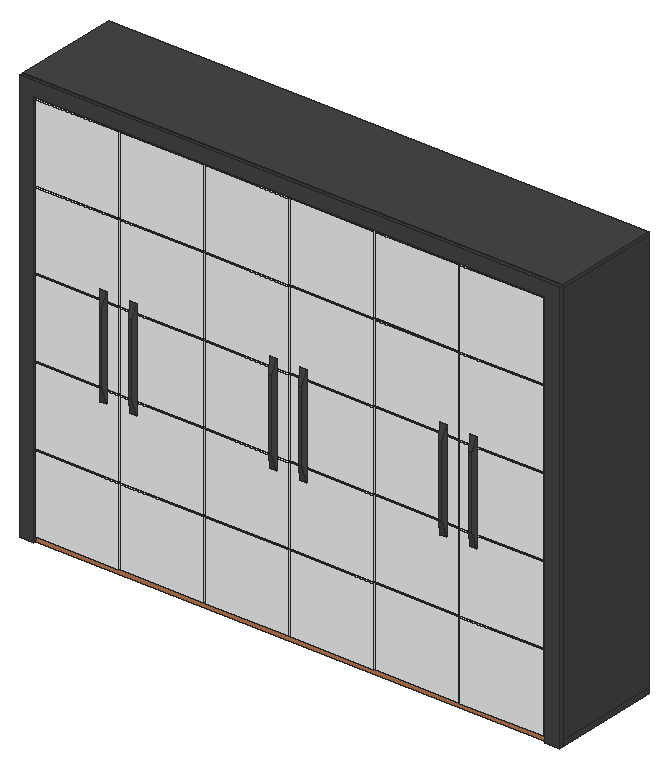
Revit family
Parameters (values of type "KO-Domestic wardrobe RAPAEL 01 W3170*D620*H1900")
  Manufacturer = "BF MART"
  Model = "Rapael"
  upper face material = 몸통
  side material = 몸통
  knob material = 몸통
  frame material = 몸통
  face material = white shine
  back face material = cherry length weak
  Width = 3000 mm
  Height = 2300 mm
  Depth = 620 mm
  Assembly Code = ""
Reference planes
  plane 1 "중심(앞/뒤)": y = 0
  plane 2: z = 0
  plane 3 "중심(왼쪽/오른쪽)": x = 0
  plane 4: y = 310
  plane 5: y = -310
  plane 6: x = -1500
  plane 7: x = 1500
  plane 8: z = 2300
  plane 9: x = -1420
  plane 10: x = 1420
  plane 11: z = 2220
  plane 12: z = 30
  plane 13: z = 2210
  plane 14: z = 25
  plane 15: x = -1410
  plane 16: x = 1410
  plane 17: x = -943.333
  plane 18: x = -471.667
  plane 19: x = 943.333
  plane 20: x = 471.667
  plane 21: x = -1415
  plane 22: x = 1415
  plane 23: x = -947.663
  plane 24: x = -939.003
  plane 25: x = -475.997
  plane 26: x = -467.337
  plane 27: x = -4.33
  plane 28: x = 4.33
  plane 29: x = 467.337
  plane 30: x = 475.997
  plane 31: x = 939.003
  plane 32: x = 947.663
  plane 33: z = 2215
  plane 34: z = 463
  plane 35: z = 901
  plane 36: z = 1339
  plane 37: z = 1777
  plane 38: y = 300
  plane 39: y = 292
  plane 40: y = -300
  plane 41: y = -290
  plane 42: z = 2280
  plane 43: x = -1480
  plane 44: x = 1480
  plane 45: z = 1782
  plane 46: z = 1772
  plane 47: z = 1344
  plane 48: z = 1334
  plane 49: z = 906
  plane 50: z = 896
  plane 51: z = 468
  plane 52: z = 458
  plane 53: y = -339.69
  plane 54: y = -320
Forms (mm)
  Extrusion 1, solid, material "몸통" <- "frame material"
    sketch origin (0, 0, 0) x (1, 0, 0) y (0, 0, 1)
      loop
        line (-1500, 0) -> (-1420, 0) -> (-1420, 2220) -> (1420, 2220) -> (1420, 0) -> (1500, 0) -> (1500, 2300) -> (-1500, 2300) -> (-1500, 0)
    from 290 to 310
  Extrusion 2, solid, material "cherry length weak" <- "back face material"
    sketch origin (0, 0, 0) x (1, 0, 0) y (0, 0, 1)
      loop
        line (-1420, 2220) -> (-1420, 0) -> (1420, 0) -> (1420, 2220) -> (-1420, 2220)
    from 290 to 300
  Extrusion 3, solid, material "몸통" <- "upper face material"
    sketch origin (0, 0, 0) x (1, 0, 0) y (0, 1, 0)
      loop
        line (-1500, 310) -> (-1500, -290) -> (1500, -290) -> (1500, 310) -> (-1500, 310)
    from 0 to 30
  Extrusion 4, solid, material "몸통" <- "upper face material"
    sketch origin (0, 0, 2198) x (0, -1, 0) y (1, 0, 0)
      loop
        line (-310, -1500) -> (290, -1500) -> (290, 1500) -> (-310, 1500) -> (-310, -1500)
    from 82 to 102
  Extrusion 5, solid, material "몸통" <- "side material"
    sketch origin (0, 0, 0) x (1, 0, 0) y (0, 1, 0)
      loop
        line (-1500, 310) -> (-1500, -290) -> (-1480, -290) -> (-1480, 310) -> (-1500, 310)
      loop
        line (1500, 310) -> (1480, 310) -> (1480, -290) -> (1500, -290) -> (1500, 310)
    from 30 to 2280
  Extrusion 6, solid, material "cherry length weak" <- "back face material"
    sketch origin (0, 0, 0) x (1, 0, 0) y (0, 1, 0)
      loop
        line (-1480, 300) -> (-1480, 292) -> (1480, 292) -> (1480, 300) -> (-1480, 300)
    from 30 to 2280
  Extrusion 7, solid, material "white shine" <- "face material"
    sketch origin (0, 0, 0) x (1, 0, 0) y (0, 0, 1)
      loop
        line (-1410, 2210) -> (-1410, 1782) -> (-947.663, 1782) -> (-947.663, 2210) -> (-1410, 2210)
    from 300 to 310
  Extrusion 8, solid, material "white shine" <- "face material"
    sketch origin (0, 0, 2914) x (1, 0, 0) y (0, 0, 1)
      loop
        line (-1410, -1570) -> (-947.663, -1570) -> (-947.663, -1142) -> (-1410, -1142) -> (-1410, -1570)
    from 300 to 310
  Extrusion 9, solid, material "white shine" <- "face material"
    sketch origin (0, 0, -716) x (1, 0, 0) y (0, 0, 1)
      loop
        line (-1410, 2050) -> (-1410, 1622) -> (-947.663, 1622) -> (-947.663, 2050) -> (-1410, 2050)
    from 300 to 310
  Extrusion 10, solid, material "white shine" <- "face material"
    sketch origin (0, 0, 2198) x (1, 0, 0) y (0, 0, 1)
      loop
        line (-1410, -1730) -> (-947.663, -1730) -> (-947.663, -1302) -> (-1410, -1302) -> (-1410, -1730)
    from 300 to 310
  Extrusion 11, solid, material "white shine" <- "face material"
    sketch origin (0, 0, -1432) x (1, 0, 0) y (0, 0, 1)
      loop
        line (-1410, 1890) -> (-1410, 1462) -> (-947.663, 1462) -> (-947.663, 1890) -> (-1410, 1890)
    from 300 to 310
  Extrusion 12, solid, material "white shine" <- "face material"
    sketch origin (-2000, 0, 0) x (-1, 0, 0) y (0, 0, -1)
      loop
        line (-1524.003, -2210) -> (-1060.997, -2210) -> (-1060.997, -1782) -> (-1524.003, -1782) -> (-1524.003, -2210)
    from 300 to 310
  Extrusion 13, solid, material "white shine" <- "face material"
    sketch origin (-2000, 0, 2914) x (-1, 0, 0) y (0, 0, -1)
      loop
        line (-1524.003, 1570) -> (-1524.003, 1142) -> (-1060.997, 1142) -> (-1060.997, 1570) -> (-1524.003, 1570)
    from 300 to 310
  Extrusion 14, solid, material "white shine" <- "face material"
    sketch origin (-2000, 0, -716) x (-1, 0, 0) y (0, 0, -1)
      loop
        line (-1524.003, -2050) -> (-1060.997, -2050) -> (-1060.997, -1622) -> (-1524.003, -1622) -> (-1524.003, -2050)
    from 300 to 310
  Extrusion 15, solid, material "white shine" <- "face material"
    sketch origin (-2000, 0, 2198) x (-1, 0, 0) y (0, 0, -1)
      loop
        line (-1524.003, 1730) -> (-1524.003, 1302) -> (-1060.997, 1302) -> (-1060.997, 1730) -> (-1524.003, 1730)
    from 300 to 310
  Extrusion 16, solid, material "white shine" <- "face material"
    sketch origin (-2000, 0, -1432) x (-1, 0, 0) y (0, 0, -1)
      loop
        line (-1524.003, -1890) -> (-1060.997, -1890) -> (-1060.997, -1462) -> (-1524.003, -1462) -> (-1524.003, -1890)
    from 300 to 310
  Extrusion 17, solid, material "white shine" <- "face material"
    sketch origin (1000, 0, 0) x (1, 0, 0) y (0, 0, 1)
      loop
        line (-1467.337, 2210) -> (-1467.337, 1782) -> (-1004.33, 1782) -> (-1004.33, 2210) -> (-1467.337, 2210)
    from 300 to 310
  Extrusion 18, solid, material "white shine" <- "face material"
    sketch origin (1000, 0, 2914) x (1, 0, 0) y (0, 0, 1)
      loop
        line (-1467.337, -1570) -> (-1004.33, -1570) -> (-1004.33, -1142) -> (-1467.337, -1142) -> (-1467.337, -1570)
    from 300 to 310
  Extrusion 19, solid, material "white shine" <- "face material"
    sketch origin (1000, 0, -716) x (1, 0, 0) y (0, 0, 1)
      loop
        line (-1467.337, 2050) -> (-1467.337, 1622) -> (-1004.33, 1622) -> (-1004.33, 2050) -> (-1467.337, 2050)
    from 300 to 310
  Extrusion 20, solid, material "white shine" <- "face material"
    sketch origin (1000, 0, 2198) x (1, 0, 0) y (0, 0, 1)
      loop
        line (-1467.337, -1730) -> (-1004.33, -1730) -> (-1004.33, -1302) -> (-1467.337, -1302) -> (-1467.337, -1730)
    from 300 to 310
  Extrusion 21, solid, material "white shine" <- "face material"
    sketch origin (1000, 0, -1432) x (1, 0, 0) y (0, 0, 1)
      loop
        line (-1467.337, 1890) -> (-1467.337, 1462) -> (-1004.33, 1462) -> (-1004.33, 1890) -> (-1467.337, 1890)
    from 300 to 310
  Extrusion 22, solid, material "white shine" <- "face material"
    sketch origin (-1000, 0, 0) x (-1, 0, 0) y (0, 0, -1)
      loop
        line (-1467.337, -2210) -> (-1004.33, -2210) -> (-1004.33, -1782) -> (-1467.337, -1782) -> (-1467.337, -2210)
    from 300 to 310
  Extrusion 23, solid, material "white shine" <- "face material"
    sketch origin (-1000, 0, 2914) x (-1, 0, 0) y (0, 0, -1)
      loop
        line (-1467.337, 1570) -> (-1467.337, 1142) -> (-1004.33, 1142) -> (-1004.33, 1570) -> (-1467.337, 1570)
    from 300 to 310
  Extrusion 24, solid, material "white shine" <- "face material"
    sketch origin (-1000, 0, -716) x (-1, 0, 0) y (0, 0, -1)
      loop
        line (-1467.337, -2050) -> (-1004.33, -2050) -> (-1004.33, -1622) -> (-1467.337, -1622) -> (-1467.337, -2050)
    from 300 to 310
  Extrusion 25, solid, material "white shine" <- "face material"
    sketch origin (-1000, 0, 2198) x (-1, 0, 0) y (0, 0, -1)
      loop
        line (-1467.337, 1730) -> (-1467.337, 1302) -> (-1004.33, 1302) -> (-1004.33, 1730) -> (-1467.337, 1730)
    from 300 to 310
  Extrusion 26, solid, material "white shine" <- "face material"
    sketch origin (-1000, 0, -1432) x (-1, 0, 0) y (0, 0, -1)
      loop
        line (-1467.337, -1890) -> (-1004.33, -1890) -> (-1004.33, -1462) -> (-1467.337, -1462) -> (-1467.337, -1890)
    from 300 to 310
  Extrusion 27, solid, material "white shine" <- "face material"
    sketch origin (2000, 0, 0) x (1, 0, 0) y (0, 0, 1)
      loop
        line (-1524.003, 2210) -> (-1524.003, 1782) -> (-1060.997, 1782) -> (-1060.997, 2210) -> (-1524.003, 2210)
    from 300 to 310
  Extrusion 28, solid, material "white shine" <- "face material"
    sketch origin (2000, 0, 2914) x (1, 0, 0) y (0, 0, 1)
      loop
        line (-1524.003, -1570) -> (-1060.997, -1570) -> (-1060.997, -1142) -> (-1524.003, -1142) -> (-1524.003, -1570)
    from 300 to 310
  Extrusion 29, solid, material "white shine" <- "face material"
    sketch origin (2000, 0, -716) x (1, 0, 0) y (0, 0, 1)
      loop
        line (-1524.003, 2050) -> (-1524.003, 1622) -> (-1060.997, 1622) -> (-1060.997, 2050) -> (-1524.003, 2050)
    from 300 to 310
  Extrusion 30, solid, material "white shine" <- "face material"
    sketch origin (2000, 0, 2198) x (1, 0, 0) y (0, 0, 1)
      loop
        line (-1524.003, -1730) -> (-1060.997, -1730) -> (-1060.997, -1302) -> (-1524.003, -1302) -> (-1524.003, -1730)
    from 300 to 310
  Extrusion 31, solid, material "white shine" <- "face material"
    sketch origin (2000, 0, -1432) x (1, 0, 0) y (0, 0, 1)
      loop
        line (-1524.003, 1890) -> (-1524.003, 1462) -> (-1060.997, 1462) -> (-1060.997, 1890) -> (-1524.003, 1890)
    from 300 to 310
  Extrusion 32, solid, material "white shine" <- "face material"
    sketch origin (0, 0, 0) x (-1, 0, 0) y (0, 0, -1)
      loop
        line (-1410, -2210) -> (-947.663, -2210) -> (-947.663, -1782) -> (-1410, -1782) -> (-1410, -2210)
    from 300 to 310
  Extrusion 33, solid, material "white shine" <- "face material"
    sketch origin (0, 0, 2914) x (-1, 0, 0) y (0, 0, -1)
      loop
        line (-1410, 1570) -> (-1410, 1142) -> (-947.663, 1142) -> (-947.663, 1570) -> (-1410, 1570)
    from 300 to 310
  Extrusion 34, solid, material "white shine" <- "face material"
    sketch origin (0, 0, -716) x (-1, 0, 0) y (0, 0, -1)
      loop
        line (-1410, -2050) -> (-947.663, -2050) -> (-947.663, -1622) -> (-1410, -1622) -> (-1410, -2050)
    from 300 to 310
  Extrusion 35, solid, material "white shine" <- "face material"
    sketch origin (0, 0, 2198) x (-1, 0, 0) y (0, 0, -1)
      loop
        line (-1410, 1730) -> (-1410, 1302) -> (-947.663, 1302) -> (-947.663, 1730) -> (-1410, 1730)
    from 300 to 310
  Extrusion 36, solid, material "white shine" <- "face material"
    sketch origin (0, 0, -1432) x (-1, 0, 0) y (0, 0, -1)
      loop
        line (-1410, -1890) -> (-947.663, -1890) -> (-947.663, -1462) -> (-1410, -1462) -> (-1410, -1890)
    from 300 to 310
  Blend 37, solid, material "몸통" <- "knob material"
    base sketch origin (0, 0, 0) x (1, 0, 0) y (0, 0, 1)
      loop
        line (-1046.735, 1397.645) -> (-1046.735, 837.645) -> (-1006.735, 837.645) -> (-1006.735, 1397.645) -> (-1046.735, 1397.645)
    top sketch origin (0, 0, 0) x (1, 0, 0) y (0, 0, 1)
      loop
        line (-1033.594, 1318.891) -> (-1033.594, 923.891) -> (-1018.594, 923.891) -> (-1018.594, 1318.891) -> (-1033.594, 1318.891)
    from 320 to 339.69
  Extrusion 38, solid, material "몸통" <- "knob material"
    sketch origin (0, 0, 0) x (1, 0, 0) y (0, 0, 1)
      loop
        line (-1033.594, 1318.891) -> (-1033.594, 923.891) -> (-1018.594, 923.891) -> (-1018.594, 1318.891) -> (-1033.594, 1318.891)
    from 310 to 320
  Blend 39, solid, material "몸통" <- "knob material"
    base sketch origin (-2000, 0, 0) x (-1, 0, 0) y (0, 0, -1)
      loop
        line (-1160.069, -1397.645) -> (-1120.069, -1397.645) -> (-1120.069, -837.645) -> (-1160.069, -837.645) -> (-1160.069, -1397.645)
    top sketch origin (-2000, 0, 0) x (-1, 0, 0) y (0, 0, -1)
      loop
        line (-1146.927, -1318.891) -> (-1131.927, -1318.891) -> (-1131.927, -923.891) -> (-1146.927, -923.891) -> (-1146.927, -1318.891)
    from 320 to 339.69
  Extrusion 40, solid, material "몸통" <- "knob material"
    sketch origin (-2000, 0, 0) x (-1, 0, 0) y (0, 0, -1)
      loop
        line (-1146.927, -1318.891) -> (-1131.927, -1318.891) -> (-1131.927, -923.891) -> (-1146.927, -923.891) -> (-1146.927, -1318.891)
    from 310 to 320
  Blend 41, solid, material "몸통" <- "knob material"
    base sketch origin (-1000, 0, 0) x (-1, 0, 0) y (0, 0, -1)
      loop
        line (-1103.402, -1397.645) -> (-1063.402, -1397.645) -> (-1063.402, -837.645) -> (-1103.402, -837.645) -> (-1103.402, -1397.645)
    top sketch origin (-1000, 0, 0) x (-1, 0, 0) y (0, 0, -1)
      loop
        line (-1090.26, -1318.891) -> (-1075.26, -1318.891) -> (-1075.26, -923.891) -> (-1090.26, -923.891) -> (-1090.26, -1318.891)
    from 320 to 339.69
  Extrusion 42, solid, material "몸통" <- "knob material"
    sketch origin (-1000, 0, 0) x (-1, 0, 0) y (0, 0, -1)
      loop
        line (-1090.26, -1318.891) -> (-1075.26, -1318.891) -> (-1075.26, -923.891) -> (-1090.26, -923.891) -> (-1090.26, -1318.891)
    from 310 to 320
  Blend 43, solid, material "몸통" <- "knob material"
    base sketch origin (1000, 0, 0) x (1, 0, 0) y (0, 0, 1)
      loop
        line (-1103.402, 1397.645) -> (-1103.402, 837.645) -> (-1063.402, 837.645) -> (-1063.402, 1397.645) -> (-1103.402, 1397.645)
    top sketch origin (1000, 0, 0) x (1, 0, 0) y (0, 0, 1)
      loop
        line (-1090.26, 1318.891) -> (-1090.26, 923.891) -> (-1075.26, 923.891) -> (-1075.26, 1318.891) -> (-1090.26, 1318.891)
    from 320 to 339.69
  Extrusion 44, solid, material "몸통" <- "knob material"
    sketch origin (1000, 0, 0) x (1, 0, 0) y (0, 0, 1)
      loop
        line (-1090.26, 1318.891) -> (-1090.26, 923.891) -> (-1075.26, 923.891) -> (-1075.26, 1318.891) -> (-1090.26, 1318.891)
    from 310 to 320
  Blend 45, solid, material "몸통" <- "knob material"
    base sketch origin (2000, 0, 0) x (1, 0, 0) y (0, 0, 1)
      loop
        line (-1160.069, 1397.645) -> (-1160.069, 837.645) -> (-1120.069, 837.645) -> (-1120.069, 1397.645) -> (-1160.069, 1397.645)
    top sketch origin (2000, 0, 0) x (1, 0, 0) y (0, 0, 1)
      loop
        line (-1146.927, 1318.891) -> (-1146.927, 923.891) -> (-1131.927, 923.891) -> (-1131.927, 1318.891) -> (-1146.927, 1318.891)
    from 320 to 339.69
  Extrusion 46, solid, material "몸통" <- "knob material"
    sketch origin (2000, 0, 0) x (1, 0, 0) y (0, 0, 1)
      loop
        line (-1146.927, 1318.891) -> (-1146.927, 923.891) -> (-1131.927, 923.891) -> (-1131.927, 1318.891) -> (-1146.927, 1318.891)
    from 310 to 320
  Blend 47, solid, material "몸통" <- "knob material"
    base sketch origin (0, 0, 0) x (-1, 0, 0) y (0, 0, -1)
      loop
        line (-1046.735, -1397.645) -> (-1006.735, -1397.645) -> (-1006.735, -837.645) -> (-1046.735, -837.645) -> (-1046.735, -1397.645)
    top sketch origin (0, 0, 0) x (-1, 0, 0) y (0, 0, -1)
      loop
        line (-1033.594, -1318.891) -> (-1018.594, -1318.891) -> (-1018.594, -923.891) -> (-1033.594, -923.891) -> (-1033.594, -1318.891)
    from 320 to 339.69
  Extrusion 48, solid, material "몸통" <- "knob material"
    sketch origin (0, 0, 0) x (-1, 0, 0) y (0, 0, -1)
      loop
        line (-1033.594, -1318.891) -> (-1018.594, -1318.891) -> (-1018.594, -923.891) -> (-1033.594, -923.891) -> (-1033.594, -1318.891)
    from 310 to 320
Lines and regions (mm)
  Masking region 1
    outline origin (0, 0, 0) x (1, 0, 0) y (0, 1, 0)
      loop
        line (-1500, 310) -> (-1500, -310) -> (1500, -310) -> (1500, 310) -> (-1500, 310)
  symbolic lines, detail levels coarse+medium
    curve 1: line (-1500, 310, 0) -> (1500, 310, 0)
    curve 2: line (-1500, -310, 0) -> (-1500, 310, 0)
    curve 3: line (1500, -310, 0) -> (-1500, -310, 0)
    curve 4: line (1500, 310, 0) -> (1500, -310, 0)
    curve 5: line (-1500, -290, 0) -> (1500, -290, 0)
  symbolic lines, detail levels fine
    curve 6: line (1500, 310, 0) -> (-1500, 310, 0)
    curve 11: line (-1500, -310, 0) -> (1500, -310, 0)
    curve 12: line (1046.735, -320, 0) -> (1006.735, -320, 0)
    curve 13: line (1018.594, -339.69, 0) -> (1033.594, -339.69, 0)
    curve 14: line (879.931, -320, 0) -> (839.931, -320, 0)
    curve 15: line (853.073, -339.69, 0) -> (868.073, -339.69, 0)
    curve 16: line (103.402, -320, 0) -> (63.402, -320, 0)
    curve 17: line (75.26, -339.69, 0) -> (90.26, -339.69, 0)
    curve 18: line (-63.402, -320, 0) -> (-103.402, -320, 0)
    curve 19: line (-90.26, -339.69, 0) -> (-75.26, -339.69, 0)
    curve 20: line (-839.931, -320, 0) -> (-879.931, -320, 0)
    curve 21: line (-868.073, -339.69, 0) -> (-853.073, -339.69, 0)
    curve 22: line (-1006.735, -320, 0) -> (-1046.735, -320, 0)
    curve 23: line (-1033.594, -339.69, 0) -> (-1018.594, -339.69, 0)
    curve 24: line (1500, -310, 0) -> (1500, 310, 0)
    curve 28: line (1033.594, -320, 0) -> (1033.594, -310, 0)
    curve 29: line (1018.594, -310, 0) -> (1018.594, -320, 0)
    curve 30: line (1033.594, -339.69, 0) -> (1046.735, -320, 0)
    curve 31: line (1006.735, -320, 0) -> (1018.594, -339.69, 0)
    curve 34: line (868.073, -339.69, 0) -> (879.931, -320, 0)
    curve 35: line (839.931, -320, 0) -> (853.073, -339.69, 0)
    curve 36: line (868.073, -320, 0) -> (868.073, -310, 0)
    curve 37: line (853.073, -310, 0) -> (853.073, -320, 0)
    curve 40: line (90.26, -320, 0) -> (90.26, -310, 0)
    curve 41: line (75.26, -310, 0) -> (75.26, -320, 0)
    curve 42: line (90.26, -339.69, 0) -> (103.402, -320, 0)
    curve 43: line (63.402, -320, 0) -> (75.26, -339.69, 0)
    curve 46: line (-75.26, -320, 0) -> (-75.26, -310, 0)
    curve 47: line (-90.26, -310, 0) -> (-90.26, -320, 0)
    curve 48: line (-75.26, -339.69, 0) -> (-63.402, -320, 0)
    curve 49: line (-103.402, -320, 0) -> (-90.26, -339.69, 0)
    curve 50: line (-467.337, -300, 0) -> (-467.337, -310, 0)
    curve 51: line (-475.997, -310, 0) -> (-475.997, -300, 0)
    curve 52: line (-853.073, -320, 0) -> (-853.073, -310, 0)
    curve 53: line (-868.073, -310, 0) -> (-868.073, -320, 0)
    curve 54: line (-853.073, -339.69, 0) -> (-839.931, -320, 0)
    curve 55: line (-879.931, -320, 0) -> (-868.073, -339.69, 0)
    curve 58: line (-1018.594, -339.69, 0) -> (-1006.735, -320, 0)
    curve 59: line (-1018.594, -320, 0) -> (-1018.594, -310, 0)
    curve 60: line (-1033.594, -310, 0) -> (-1033.594, -320, 0)
    curve 61: line (-1046.735, -320, 0) -> (-1033.594, -339.69, 0)
    curve 65: line (-1500, 310, 0) -> (-1500, -310, 0)
  symbolic lines
    curve 7: line (1480, 300, 0) -> (-1480, 300, 0)
    curve 8: line (-1480, 292, 0) -> (1480, 292, 0)
    curve 9: line (-1500, -290, 0) -> (1500, -290, 0)
    curve 10: line (-1420, -300, 0) -> (1420, -300, 0)
    curve 25: line (1480, 310, 0) -> (1480, -290, 0)
    curve 26: line (1420, -310, 0) -> (1420, -290, 0)
    curve 27: line (1410, -310, 0) -> (1410, -300, 0)
    curve 32: line (947.663, -300, 0) -> (947.663, -310, 0)
    curve 33: line (939.003, -310, 0) -> (939.003, -300, 0)
    curve 38: line (475.997, -300, 0) -> (475.997, -310, 0)
    curve 39: line (467.337, -310, 0) -> (467.337, -300, 0)
    curve 44: line (4.33, -300, 0) -> (4.33, -310, 0)
    curve 45: line (-4.33, -310, 0) -> (-4.33, -300, 0)
    curve 56: line (-939.003, -300, 0) -> (-939.003, -310, 0)
    curve 57: line (-947.663, -310, 0) -> (-947.663, -300, 0)
    curve 62: line (-1410, -300, 0) -> (-1410, -310, 0)
    curve 63: line (-1420, -290, 0) -> (-1420, -310, 0)
    curve 64: line (-1480, -290, 0) -> (-1480, 310, 0)
Dimensions and locks
  "Depth": plane 5 to plane 4
  equal spacing: plane 21, plane 17, plane 18, plane 3 "중심(왼쪽/오른쪽)", plane 20, plane 19, plane 22
  "Width": plane 6 to plane 7
  "Height": plane 8 to level
  equal spacing: plane 33, plane 37, plane 36, plane 35, plane 34, plane 14
  locked: plane 38 to plane 4 at 10
  locked: plane 39 to plane 38 at 8
  locked: plane 40 to plane 41 at 10
  locked: plane 5 to plane 40 at 10
  locked: plane 6 to plane 43 at 20
  locked: plane 43 to plane 9 at 60
  locked: plane 9 to plane 21 at 5
  locked: plane 21 to plane 15 at 5
  locked: plane 16 to plane 22 at 5
  locked: plane 22 to plane 10 at 5
  locked: plane 10 to plane 44 at 60
  locked: plane 44 to plane 7 at 20
  locked: plane 8 to plane 42 at 20
  locked: plane 42 to plane 11 at 60
  locked: plane 11 to plane 33 at 5
  locked: plane 33 to plane 13 at 5
  locked: plane 12 to plane 14 at 5
  locked: plane 14 to level at 25
  locked: plane 23 to plane 17 at 4.33
  locked: plane 17 to plane 24 at 4.33
  locked: plane 25 to plane 18 at 4.33
  locked: plane 18 to plane 26 at 4.33
  locked: plane 27 to plane 3 "중심(왼쪽/오른쪽)" at 4.33
  locked: plane 28 to plane 3 "중심(왼쪽/오른쪽)" at 4.33
  locked: plane 29 to plane 20 at 4.33
  locked: plane 20 to plane 30 at 4.33
  locked: plane 31 to plane 19 at 4.33
  locked: plane 19 to plane 32 at 4.33
  locked: plane 45 to plane 37 at 5
  locked: plane 37 to plane 46 at 5
  locked: plane 47 to plane 36 at 5
  locked: plane 36 to plane 48 at 5
  locked: plane 49 to plane 35 at 5
  locked: plane 35 to plane 50 at 5
  locked: plane 51 to plane 34 at 5
  locked: plane 34 to plane 52 at 5
  locked: plane 54 to plane 5 at 10
  locked: plane 53 to plane 54 at 19.69
  aligned and locked: plane 4 to Extrusion 4
  aligned and locked: plane 4 to Extrusion 5  (x2)
  aligned and locked: plane 38 to Extrusion 6
  aligned and locked: plane 39 to Extrusion 6
  aligned and locked: plane 41 to Extrusion 4
  aligned and locked: plane 41 to Extrusion 5  (x2)
  aligned and locked: plane 5 to Extrusion 1
  aligned and locked: plane 16 to Extrusion 32
  aligned and locked: Extrusion 32 to Extrusion 33
  aligned and locked: plane 32 to Extrusion 32
  aligned and locked: plane 31 to Extrusion 27
  aligned and locked: plane 30 to Extrusion 27
  aligned and locked: plane 29 to Extrusion 22
  aligned and locked: plane 28 to Extrusion 22
  aligned and locked: plane 27 to Extrusion 17
  aligned and locked: plane 26 to Extrusion 17
  aligned and locked: plane 25 to Extrusion 12
  aligned and locked: plane 24 to Extrusion 12
  aligned and locked: plane 23 to Extrusion 7
  aligned and locked: plane 15 to Extrusion 7
  aligned and locked: plane 43 to Extrusion 5
  aligned and locked: plane 6 to Extrusion 4
  aligned and locked: plane 6 to Extrusion 1
  aligned and locked: plane 7 to Extrusion 4
  aligned and locked: plane 7 to Extrusion 1
  aligned and locked: plane 44 to Extrusion 5
  aligned and locked: Extrusion 1 to Extrusion 4
  aligned and locked: plane 11 to Extrusion 1
  aligned and locked: plane 9 to Extrusion 1
  aligned and locked: plane 10 to Extrusion 1
  aligned and locked: plane 7 to Extrusion 3
  aligned and locked: plane 6 to Extrusion 3
  aligned and locked: level to Extrusion 1  (x2)
  aligned and locked: Extrusion 7 to plane 13
  aligned and locked: Extrusion 12 to plane 13
  aligned and locked: plane 13 to Extrusion 17
  aligned and locked: plane 13 to Extrusion 22
  aligned and locked: plane 13 to Extrusion 27
  aligned and locked: plane 13 to Extrusion 32
  aligned and locked: plane 45 to Extrusion 32
  aligned and locked: plane 45 to Extrusion 27
  aligned and locked: plane 45 to Extrusion 22
  aligned and locked: plane 45 to Extrusion 17
  aligned and locked: plane 45 to Extrusion 12
  aligned and locked: plane 45 to Extrusion 7
  aligned and locked: plane 46 to Extrusion 8
  aligned and locked: plane 46 to Extrusion 13
  aligned and locked: plane 46 to Extrusion 18
  aligned and locked: plane 46 to Extrusion 23
  aligned and locked: plane 46 to Extrusion 28
  aligned and locked: plane 46 to Extrusion 33
  aligned and locked: plane 47 to Extrusion 33
  aligned and locked: plane 47 to Extrusion 28
  aligned and locked: plane 47 to Extrusion 23
  aligned and locked: plane 47 to Extrusion 18
  aligned and locked: plane 47 to Extrusion 13
  aligned and locked: plane 47 to Extrusion 8
  aligned and locked: plane 48 to Extrusion 9
  aligned and locked: plane 48 to Extrusion 14
  aligned and locked: plane 48 to Extrusion 19
  aligned and locked: plane 48 to Extrusion 24
  aligned and locked: plane 48 to Extrusion 29
  aligned and locked: plane 48 to Extrusion 34
  aligned and locked: plane 49 to Extrusion 34
  aligned and locked: plane 49 to Extrusion 29
  aligned and locked: plane 49 to Extrusion 24
  aligned and locked: plane 49 to Extrusion 19
  aligned and locked: plane 49 to Extrusion 14
  aligned and locked: plane 49 to Extrusion 9
  aligned and locked: plane 50 to Extrusion 10
  aligned and locked: plane 50 to Extrusion 15
  aligned and locked: plane 50 to Extrusion 20
  aligned and locked: plane 50 to Extrusion 25
  aligned and locked: plane 50 to Extrusion 30
  aligned and locked: plane 50 to Extrusion 35
  aligned and locked: plane 51 to Extrusion 35
  aligned and locked: plane 51 to Extrusion 30
  aligned and locked: plane 51 to Extrusion 25
  aligned and locked: plane 51 to Extrusion 20
  aligned and locked: plane 51 to Extrusion 15
  aligned and locked: plane 51 to Extrusion 10
  aligned and locked: plane 52 to Extrusion 11
  aligned and locked: plane 52 to Extrusion 16
  aligned and locked: plane 52 to Extrusion 21
  aligned and locked: plane 52 to Extrusion 26
  aligned and locked: plane 52 to Extrusion 31
  aligned and locked: plane 52 to Extrusion 36
  aligned and locked: Extrusion 3 to Extrusion 36
  aligned and locked: Extrusion 3 to Extrusion 31
  aligned and locked: Extrusion 3 to Extrusion 26
  aligned and locked: Extrusion 3 to Extrusion 21
  aligned and locked: Extrusion 3 to Extrusion 16
  aligned and locked: Extrusion 3 to Extrusion 11
  aligned and locked: Extrusion 2 to Extrusion 1  (x9)
  aligned and locked: plane 15 to Extrusion 8
  aligned and locked: plane 15 to Extrusion 9
  aligned and locked: plane 15 to Extrusion 10
  aligned and locked: plane 15 to Extrusion 11
  aligned and locked: plane 23 to Extrusion 8
  aligned and locked: plane 23 to Extrusion 9
  aligned and locked: plane 23 to Extrusion 10
  aligned and locked: plane 23 to Extrusion 11
  aligned and locked: plane 24 to Extrusion 16
  aligned and locked: plane 24 to Extrusion 15
  aligned and locked: plane 24 to Extrusion 14
  aligned and locked: plane 24 to Extrusion 13
  aligned and locked: plane 25 to Extrusion 13
  aligned and locked: plane 25 to Extrusion 14
  aligned and locked: plane 25 to Extrusion 15
  aligned and locked: plane 25 to Extrusion 16
  aligned and locked: plane 26 to Extrusion 21
  aligned and locked: plane 27 to Extrusion 18
  aligned and locked: plane 27 to Extrusion 19
  aligned and locked: plane 27 to Extrusion 20
  aligned and locked: plane 27 to Extrusion 21
  aligned and locked: plane 28 to Extrusion 26
  aligned and locked: plane 28 to Extrusion 25
  aligned and locked: plane 28 to Extrusion 24
  aligned and locked: plane 28 to Extrusion 23
  aligned and locked: plane 29 to Extrusion 23
  aligned and locked: plane 29 to Extrusion 24
  aligned and locked: plane 29 to Extrusion 25
  aligned and locked: plane 29 to Extrusion 26
  aligned and locked: plane 30 to Extrusion 31
  aligned and locked: plane 30 to Extrusion 30
  aligned and locked: plane 30 to Extrusion 29
  aligned and locked: plane 30 to Extrusion 28
  aligned and locked: plane 31 to Extrusion 28
  aligned and locked: plane 31 to Extrusion 29
  aligned and locked: plane 31 to Extrusion 30
  aligned and locked: plane 32 to Extrusion 36
  aligned and locked: plane 31 to Extrusion 31
  aligned and locked: plane 32 to Extrusion 35
  aligned and locked: plane 32 to Extrusion 34
  aligned and locked: plane 32 to Extrusion 33
  aligned and locked: plane 16 to Extrusion 33
  aligned and locked: plane 16 to Extrusion 34
  aligned and locked: plane 16 to Extrusion 35
  aligned and locked: plane 16 to Extrusion 36
  aligned and locked: Extrusion 4 to plane 8
  aligned and locked: Extrusion 5 to plane 42
  aligned and locked: plane 42 to Extrusion 4
  aligned and locked: Extrusion 6 to plane 42
  aligned and locked: plane 5 to Extrusion 7
  aligned and locked: plane 5 to Extrusion 8
  aligned and locked: plane 5 to Extrusion 9
  aligned and locked: plane 5 to Extrusion 10
  aligned and locked: plane 5 to Extrusion 11
  aligned and locked: plane 40 to Extrusion 2
  aligned and locked: Extrusion 7 to plane 40
  aligned and locked: Extrusion 8 to plane 40
  aligned and locked: Extrusion 9 to plane 40
  aligned and locked: Extrusion 10 to plane 40
  aligned and locked: Extrusion 11 to plane 40
  aligned and locked: Extrusion 2 to plane 41
  aligned and locked: plane 5 to Extrusion 12
  aligned and locked: plane 5 to Extrusion 13
  aligned and locked: plane 5 to Extrusion 14
  aligned and locked: plane 5 to Extrusion 15
  aligned and locked: plane 5 to Extrusion 16
  aligned and locked: Extrusion 12 to plane 40
  aligned and locked: Extrusion 13 to plane 40
  aligned and locked: Extrusion 14 to plane 40
  aligned and locked: Extrusion 15 to plane 40
  aligned and locked: Extrusion 16 to plane 40
  aligned and locked: plane 5 to Extrusion 17
  aligned and locked: plane 5 to Extrusion 18
  aligned and locked: plane 5 to Extrusion 19
  aligned and locked: plane 5 to Extrusion 20
  aligned and locked: plane 5 to Extrusion 21
  aligned and locked: Extrusion 17 to plane 40
  aligned and locked: Extrusion 18 to plane 40
  aligned and locked: Extrusion 19 to plane 40
  aligned and locked: Extrusion 20 to plane 40
  aligned and locked: Extrusion 21 to plane 40
  aligned and locked: plane 5 to Extrusion 22
  aligned and locked: plane 5 to Extrusion 23
  aligned and locked: plane 5 to Extrusion 24
  aligned and locked: plane 5 to Extrusion 25
  aligned and locked: plane 5 to Extrusion 26
  aligned and locked: Extrusion 22 to plane 40
  aligned and locked: Extrusion 23 to plane 40
  aligned and locked: Extrusion 24 to plane 40
  aligned and locked: Extrusion 25 to plane 40
  aligned and locked: Extrusion 26 to plane 40
  aligned and locked: plane 5 to Extrusion 27
  aligned and locked: plane 5 to Extrusion 28
  aligned and locked: plane 5 to Extrusion 29
  aligned and locked: plane 5 to Extrusion 30
  aligned and locked: plane 5 to Extrusion 31
  aligned and locked: Extrusion 27 to plane 40
  aligned and locked: Extrusion 28 to plane 40
  aligned and locked: Extrusion 29 to plane 40
  aligned and locked: Extrusion 30 to plane 40
  aligned and locked: Extrusion 31 to plane 40
  aligned and locked: plane 5 to Extrusion 32
  aligned and locked: plane 5 to Extrusion 33
  aligned and locked: plane 5 to Extrusion 34
  aligned and locked: plane 5 to Extrusion 35
  aligned and locked: plane 5 to Extrusion 36
  aligned and locked: Extrusion 32 to plane 40
  aligned and locked: Extrusion 33 to plane 40
  aligned and locked: Extrusion 34 to plane 40
  aligned and locked: Extrusion 35 to plane 40
  aligned and locked: Extrusion 36 to plane 40
  aligned and locked: Extrusion 38 to Blend 37
  aligned and locked: Extrusion 38 to plane 5
  aligned and locked: plane 54 to Blend 37
  aligned and locked: plane 53 to Blend 37
  aligned and locked: Blend 39 to Extrusion 40
  aligned and locked: plane 5 to Extrusion 40
  aligned and locked: plane 54 to Blend 39
  aligned and locked: plane 54 to Extrusion 40
  aligned and locked: plane 53 to Blend 39
  aligned and locked: Blend 41 to Extrusion 42
  aligned and locked: Extrusion 44 to Blend 43
  aligned and locked: plane 5 to Extrusion 44
  aligned and locked: plane 54 to Blend 43
  aligned and locked: plane 54 to Extrusion 44
  aligned and locked: plane 53 to Blend 43
  aligned and locked: plane 5 to Extrusion 42
  aligned and locked: plane 54 to Blend 41
  aligned and locked: plane 54 to Extrusion 42
  aligned and locked: plane 53 to Blend 41
  aligned and locked: Extrusion 46 to Blend 45
  aligned and locked: Blend 47 to Extrusion 48
  aligned and locked: plane 5 to Extrusion 46
  aligned and locked: plane 54 to Blend 45
  aligned and locked: plane 54 to Extrusion 46
  aligned and locked: plane 53 to Blend 45
  aligned and locked: plane 5 to Extrusion 48
  aligned and locked: plane 54 to Blend 47
  aligned and locked: plane 54 to Extrusion 48
  aligned and locked: plane 53 to Blend 47
  aligned and locked: curve 1 to Extrusion 3  (x2)
  aligned and locked: curve 4 to Extrusion 1  (x2)
  aligned and locked: curve 2 to curve 5
  aligned and locked: curve 5 to Extrusion 1
  aligned and locked: curve 6 to Extrusion 4
  aligned and locked: curve 7 to Extrusion 6
  aligned and locked: curve 8 to Extrusion 6
  aligned and locked: curve 9 to Extrusion 4
  aligned and locked: curve 10 to Extrusion 2
  aligned and locked: curve 11 to Extrusion 1
  aligned and locked: curve 12 to Blend 47
  aligned and locked: curve 13 to Blend 47
  aligned and locked: curve 14 to Blend 45
  aligned and locked: curve 15 to Blend 45
  aligned and locked: curve 16 to Blend 41
  aligned and locked: curve 17 to Blend 41
  aligned and locked: curve 18 to Blend 43
  aligned and locked: curve 19 to Blend 43
  aligned and locked: curve 20 to Blend 39
  aligned and locked: curve 21 to Blend 39
  aligned and locked: curve 22 to Blend 37
  aligned and locked: curve 23 to Blend 37
  aligned and locked: curve 24 to Extrusion 4
  aligned and locked: curve 25 to Extrusion 5
  aligned and locked: curve 26 to Extrusion 2
  aligned and locked: curve 27 to Extrusion 32
  aligned and locked: curve 28 to Extrusion 48
  aligned and locked: curve 29 to Extrusion 48
  aligned and locked: curve 30 to Blend 47
  aligned and locked: curve 31 to Blend 47
  aligned and locked: curve 32 to Extrusion 32
  aligned and locked: curve 33 to Extrusion 27
  aligned and locked: curve 34 to Blend 45
  aligned and locked: curve 35 to Blend 45
  aligned and locked: curve 36 to Extrusion 46
  aligned and locked: curve 37 to Extrusion 46
  aligned and locked: curve 38 to Extrusion 27
  aligned and locked: curve 39 to Extrusion 22
  aligned and locked: curve 40 to Extrusion 42
  aligned and locked: curve 41 to Extrusion 42
  aligned and locked: curve 42 to Blend 41
  aligned and locked: curve 43 to Blend 41
  aligned and locked: curve 44 to Extrusion 22
  aligned and locked: curve 45 to Extrusion 17
  aligned and locked: curve 46 to Extrusion 44
  aligned and locked: curve 47 to Extrusion 44
  aligned and locked: curve 48 to Blend 43
  aligned and locked: curve 49 to Blend 43
  aligned and locked: curve 50 to Extrusion 17
  aligned and locked: curve 51 to Extrusion 12
  aligned and locked: curve 52 to Extrusion 40
  aligned and locked: curve 53 to Extrusion 40
  aligned and locked: curve 54 to Blend 39
  aligned and locked: curve 55 to Blend 39
  aligned and locked: curve 56 to Extrusion 12
  aligned and locked: curve 57 to Extrusion 7
  aligned and locked: curve 58 to Blend 37
  aligned and locked: curve 59 to Extrusion 38
  aligned and locked: curve 60 to Extrusion 38
  aligned and locked: curve 61 to Blend 37
  aligned and locked: curve 62 to Extrusion 7
  aligned and locked: curve 63 to Extrusion 2
  aligned and locked: curve 64 to Extrusion 5
Automatic sketch dimensions
  Extrusion 1 sketch curve to level = 0 mm  (x2)
  Extrusion 1 sketch curve to plane 6 = 0 mm
  Extrusion 1 sketch curve to plane 9 = 0 mm
  Extrusion 1 sketch curve to plane 10 = 0 mm
  Extrusion 1 sketch curve to plane 7 = 0 mm
  Extrusion 1 sketch curve to plane 11 = 0 mm
  Extrusion 1 sketch curve to plane 8 = 0 mm
  Extrusion 2 sketch curve to level = 0 mm
  Extrusion 2 sketch curve to plane 9 = 0 mm
  Extrusion 2 sketch curve to plane 10 = 0 mm
  Extrusion 2 sketch curve to plane 11 = 0 mm
  Extrusion 3 sketch curve to plane 6 = 0 mm
  Extrusion 3 sketch curve to plane 7 = 0 mm
  Extrusion 3 sketch curve to plane 41 = 0 mm
  Extrusion 3 sketch curve to plane 4 = 0 mm
  Extrusion 4 sketch curve to plane 4 = 0 mm
  Extrusion 4 sketch curve to plane 6 = 0 mm
  Extrusion 4 sketch curve to plane 41 = 0 mm
  Extrusion 4 sketch curve to plane 7 = 0 mm
  Extrusion 5 sketch curve to plane 6 = 0 mm
  Extrusion 5 sketch curve to plane 41 = 0 mm  (x2)
  Extrusion 5 sketch curve to plane 43 = 0 mm
  Extrusion 5 sketch curve to plane 44 = 0 mm
  Extrusion 5 sketch curve to plane 7 = 0 mm
  Extrusion 5 sketch curve to plane 4 = 0 mm  (x2)
  Extrusion 6 sketch curve to plane 39 = 0 mm
  Extrusion 6 sketch curve to plane 43 = 0 mm
  Extrusion 6 sketch curve to plane 44 = 0 mm
  Extrusion 6 sketch curve to plane 38 = 0 mm
  Extrusion 7 sketch curve to plane 15 = 0 mm
  Extrusion 7 sketch curve to plane 23 = 0 mm
  Extrusion 7 sketch curve to plane 45 = 0 mm
  Extrusion 7 sketch curve to plane 13 = 0 mm
  Extrusion 8 sketch curve to plane 15 = 0 mm
  Extrusion 8 sketch curve to plane 23 = 0 mm
  Extrusion 8 sketch curve to plane 47 = 0 mm
  Extrusion 8 sketch curve to plane 46 = 0 mm
  Extrusion 9 sketch curve to plane 15 = 0 mm
  Extrusion 9 sketch curve to plane 23 = 0 mm
  Extrusion 9 sketch curve to plane 49 = 0 mm
  Extrusion 9 sketch curve to plane 48 = 0 mm
  Extrusion 10 sketch curve to plane 15 = 0 mm
  Extrusion 10 sketch curve to plane 23 = 0 mm
  Extrusion 10 sketch curve to plane 51 = 0 mm
  Extrusion 10 sketch curve to plane 50 = 0 mm
  Extrusion 11 sketch curve to plane 12 = 0 mm
  Extrusion 11 sketch curve to plane 15 = 0 mm
  Extrusion 11 sketch curve to plane 23 = 0 mm
  Extrusion 11 sketch curve to plane 52 = 0 mm
  Extrusion 12 sketch curve to plane 25 = 0 mm
  Extrusion 12 sketch curve to plane 24 = 0 mm
  Extrusion 12 sketch curve to plane 13 = 0 mm
  Extrusion 12 sketch curve to plane 45 = 0 mm
  Extrusion 13 sketch curve to plane 25 = 0 mm
  Extrusion 13 sketch curve to plane 24 = 0 mm
  Extrusion 13 sketch curve to plane 46 = 0 mm
  Extrusion 13 sketch curve to plane 47 = 0 mm
  Extrusion 14 sketch curve to plane 25 = 0 mm
  Extrusion 14 sketch curve to plane 24 = 0 mm
  Extrusion 14 sketch curve to plane 48 = 0 mm
  Extrusion 14 sketch curve to plane 49 = 0 mm
  Extrusion 15 sketch curve to plane 25 = 0 mm
  Extrusion 15 sketch curve to plane 24 = 0 mm
  Extrusion 15 sketch curve to plane 50 = 0 mm
  Extrusion 15 sketch curve to plane 51 = 0 mm
  Extrusion 16 sketch curve to plane 12 = 0 mm
  Extrusion 16 sketch curve to plane 25 = 0 mm
  Extrusion 16 sketch curve to plane 24 = 0 mm
  Extrusion 16 sketch curve to plane 52 = 0 mm
  Extrusion 17 sketch curve to plane 26 = 0 mm
  Extrusion 17 sketch curve to plane 27 = 0 mm
  Extrusion 17 sketch curve to plane 45 = 0 mm
  Extrusion 17 sketch curve to plane 13 = 0 mm
  Extrusion 18 sketch curve to plane 26 = 0 mm
  Extrusion 18 sketch curve to plane 27 = 0 mm
  Extrusion 18 sketch curve to plane 47 = 0 mm
  Extrusion 18 sketch curve to plane 46 = 0 mm
  Extrusion 19 sketch curve to plane 26 = 0 mm
  Extrusion 19 sketch curve to plane 27 = 0 mm
  Extrusion 19 sketch curve to plane 49 = 0 mm
  Extrusion 19 sketch curve to plane 48 = 0 mm
  Extrusion 20 sketch curve to plane 26 = 0 mm
  Extrusion 20 sketch curve to plane 27 = 0 mm
  Extrusion 20 sketch curve to plane 51 = 0 mm
  Extrusion 20 sketch curve to plane 50 = 0 mm
  Extrusion 21 sketch curve to plane 12 = 0 mm
  Extrusion 21 sketch curve to plane 26 = 0 mm
  Extrusion 21 sketch curve to plane 27 = 0 mm
  Extrusion 21 sketch curve to plane 52 = 0 mm
  Extrusion 22 sketch curve to plane 29 = 0 mm
  Extrusion 22 sketch curve to plane 28 = 0 mm
  Extrusion 22 sketch curve to plane 13 = 0 mm
  Extrusion 22 sketch curve to plane 45 = 0 mm
  Extrusion 23 sketch curve to plane 29 = 0 mm
  Extrusion 23 sketch curve to plane 28 = 0 mm
  Extrusion 23 sketch curve to plane 46 = 0 mm
  Extrusion 23 sketch curve to plane 47 = 0 mm
  Extrusion 24 sketch curve to plane 29 = 0 mm
  Extrusion 24 sketch curve to plane 28 = 0 mm
  Extrusion 24 sketch curve to plane 48 = 0 mm
  Extrusion 24 sketch curve to plane 49 = 0 mm
  Extrusion 25 sketch curve to plane 29 = 0 mm
  Extrusion 25 sketch curve to plane 28 = 0 mm
  Extrusion 25 sketch curve to plane 50 = 0 mm
  Extrusion 25 sketch curve to plane 51 = 0 mm
  Extrusion 26 sketch curve to plane 12 = 0 mm
  Extrusion 26 sketch curve to plane 29 = 0 mm
  Extrusion 26 sketch curve to plane 28 = 0 mm
  Extrusion 26 sketch curve to plane 52 = 0 mm
  Extrusion 27 sketch curve to plane 30 = 0 mm
  Extrusion 27 sketch curve to plane 31 = 0 mm
  Extrusion 27 sketch curve to plane 45 = 0 mm
  Extrusion 27 sketch curve to plane 13 = 0 mm
  Extrusion 28 sketch curve to plane 30 = 0 mm
  Extrusion 28 sketch curve to plane 31 = 0 mm
  Extrusion 28 sketch curve to plane 47 = 0 mm
  Extrusion 28 sketch curve to plane 46 = 0 mm
  Extrusion 29 sketch curve to plane 30 = 0 mm
  Extrusion 29 sketch curve to plane 31 = 0 mm
  Extrusion 29 sketch curve to plane 49 = 0 mm
  Extrusion 29 sketch curve to plane 48 = 0 mm
  Extrusion 30 sketch curve to plane 30 = 0 mm
  Extrusion 30 sketch curve to plane 31 = 0 mm
  Extrusion 30 sketch curve to plane 51 = 0 mm
  Extrusion 30 sketch curve to plane 50 = 0 mm
  Extrusion 31 sketch curve to plane 12 = 0 mm
  Extrusion 31 sketch curve to plane 30 = 0 mm
  Extrusion 31 sketch curve to plane 31 = 0 mm
  Extrusion 31 sketch curve to plane 52 = 0 mm
  Extrusion 32 sketch curve to plane 16 = 0 mm
  Extrusion 32 sketch curve to plane 32 = 0 mm
  Extrusion 32 sketch curve to plane 13 = 0 mm
  Extrusion 32 sketch curve to plane 45 = 0 mm
  Extrusion 33 sketch curve to plane 16 = 0 mm
  Extrusion 33 sketch curve to plane 32 = 0 mm
  Extrusion 33 sketch curve to plane 46 = 0 mm
  Extrusion 33 sketch curve to plane 47 = 0 mm
  Extrusion 34 sketch curve to plane 16 = 0 mm
  Extrusion 34 sketch curve to plane 32 = 0 mm
  Extrusion 34 sketch curve to plane 48 = 0 mm
  Extrusion 34 sketch curve to plane 49 = 0 mm
  Extrusion 35 sketch curve to plane 16 = 0 mm
  Extrusion 35 sketch curve to plane 32 = 0 mm
  Extrusion 35 sketch curve to plane 50 = 0 mm
  Extrusion 35 sketch curve to plane 51 = 0 mm
  Extrusion 36 sketch curve to plane 12 = 0 mm
  Extrusion 36 sketch curve to plane 16 = 0 mm
  Extrusion 36 sketch curve to plane 32 = 0 mm
  Extrusion 36 sketch curve to plane 52 = 0 mm
  plane 23 to Blend 37 sketch curve = 99.072 mm
  Blend 37 sketch curve to Blend 37 sketch curve = 40 mm
  plane 50 to Blend 37 sketch curve = 58.355 mm
  Blend 37 sketch curve to plane 47 = 53.645 mm
  Blend 37 sketch curve to plane 49 = 17.891 mm
  plane 23 to Blend 37 sketch curve = 85.93 mm
  Blend 37 sketch curve to Blend 37 sketch curve = 15 mm
  plane 48 to Blend 37 sketch curve = 15.109 mm
  Extrusion 38 sketch curve to plane 49 = 17.891 mm
  plane 23 to Extrusion 38 sketch curve = 85.93 mm
  Extrusion 38 sketch curve to Extrusion 38 sketch curve = 15 mm
  plane 48 to Extrusion 38 sketch curve = 15.109 mm
  Blend 39 sketch curve to plane 24 = 99.072 mm
  Blend 39 sketch curve to Blend 39 sketch curve = 40 mm
  Blend 39 sketch curve to plane 47 = 53.645 mm
  plane 50 to Blend 39 sketch curve = 58.355 mm
  Blend 39 sketch curve to plane 49 = 17.891 mm
  Blend 39 sketch curve to plane 24 = 85.93 mm
  Blend 39 sketch curve to Blend 39 sketch curve = 15 mm
  plane 48 to Blend 39 sketch curve = 15.109 mm
  Extrusion 40 sketch curve to plane 49 = 17.891 mm
  Extrusion 40 sketch curve to plane 24 = 85.93 mm
  Extrusion 40 sketch curve to Extrusion 40 sketch curve = 15 mm
  plane 48 to Extrusion 40 sketch curve = 15.109 mm
  Blend 41 sketch curve to plane 28 = 99.072 mm
  Blend 41 sketch curve to Blend 41 sketch curve = 40 mm
  Blend 41 sketch curve to plane 47 = 53.645 mm
  plane 50 to Blend 41 sketch curve = 58.355 mm
  Blend 41 sketch curve to plane 49 = 17.891 mm
  Blend 41 sketch curve to plane 28 = 85.93 mm
  Blend 41 sketch curve to Blend 41 sketch curve = 15 mm
  plane 48 to Blend 41 sketch curve = 15.109 mm
  Extrusion 42 sketch curve to plane 49 = 17.891 mm
  Extrusion 42 sketch curve to plane 28 = 85.93 mm
  Extrusion 42 sketch curve to Extrusion 42 sketch curve = 15 mm
  plane 48 to Extrusion 42 sketch curve = 15.109 mm
  plane 27 to Blend 43 sketch curve = 99.072 mm
  Blend 43 sketch curve to Blend 43 sketch curve = 40 mm
  plane 50 to Blend 43 sketch curve = 58.355 mm
  Blend 43 sketch curve to plane 47 = 53.645 mm
  Blend 43 sketch curve to plane 49 = 17.891 mm
  plane 27 to Blend 43 sketch curve = 85.93 mm
  Blend 43 sketch curve to Blend 43 sketch curve = 15 mm
  plane 48 to Blend 43 sketch curve = 15.109 mm
  Extrusion 44 sketch curve to plane 49 = 17.891 mm
  plane 27 to Extrusion 44 sketch curve = 85.93 mm
  Extrusion 44 sketch curve to Extrusion 44 sketch curve = 15 mm
  plane 48 to Extrusion 44 sketch curve = 15.109 mm
  plane 31 to Blend 45 sketch curve = 99.072 mm
  Blend 45 sketch curve to Blend 45 sketch curve = 40 mm
  plane 50 to Blend 45 sketch curve = 58.355 mm
  Blend 45 sketch curve to plane 47 = 53.645 mm
  Blend 45 sketch curve to plane 49 = 17.891 mm
  plane 31 to Blend 45 sketch curve = 85.93 mm
  Blend 45 sketch curve to Blend 45 sketch curve = 15 mm
  plane 48 to Blend 45 sketch curve = 15.109 mm
  Extrusion 46 sketch curve to plane 49 = 17.891 mm
  plane 31 to Extrusion 46 sketch curve = 85.93 mm
  Extrusion 46 sketch curve to Extrusion 46 sketch curve = 15 mm
  plane 48 to Extrusion 46 sketch curve = 15.109 mm
  Blend 47 sketch curve to plane 32 = 99.072 mm
  Blend 47 sketch curve to Blend 47 sketch curve = 40 mm
  Blend 47 sketch curve to plane 47 = 53.645 mm
  plane 50 to Blend 47 sketch curve = 58.355 mm
  Blend 47 sketch curve to plane 49 = 17.891 mm
  Blend 47 sketch curve to plane 32 = 85.93 mm
  Blend 47 sketch curve to Blend 47 sketch curve = 15 mm
  plane 48 to Blend 47 sketch curve = 15.109 mm
  Extrusion 48 sketch curve to plane 49 = 17.891 mm
  Extrusion 48 sketch curve to plane 32 = 85.93 mm
  Extrusion 48 sketch curve to Extrusion 48 sketch curve = 15 mm
  plane 48 to Extrusion 48 sketch curve = 15.109 mm
  Masking region 1 sketch curve to plane 5 = 0 mm
  Masking region 1 sketch curve to plane 6 = 0 mm
  Masking region 1 sketch curve to plane 7 = 0 mm
  Masking region 1 sketch curve to plane 4 = 0 mm
